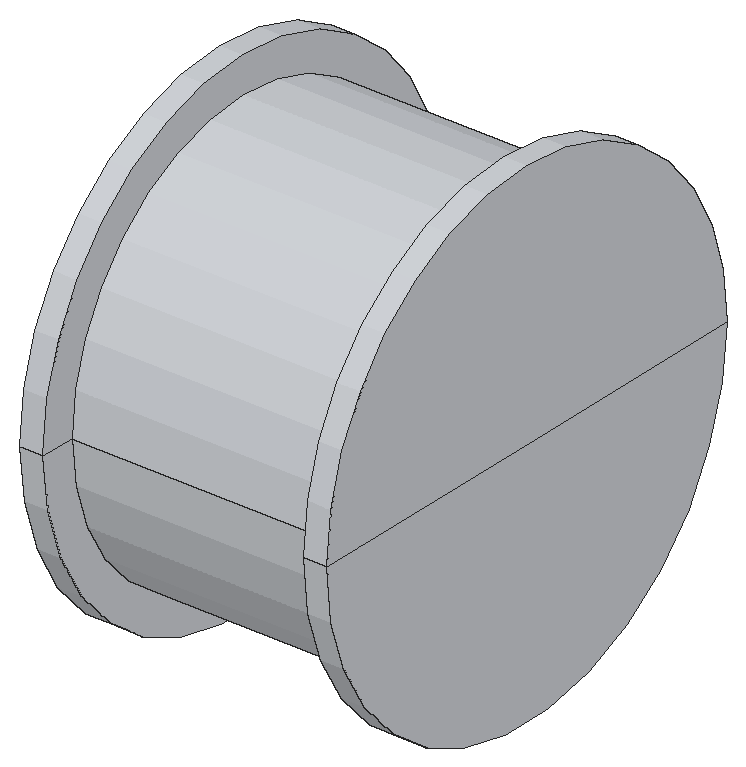
Revit family "f87578821e0f4b2492abf993060846e8", category Pipe Fittings, Revit 2021
Family settings
  Round Connector Dimension = Use Radius
  Part Type = Union
  OmniClass Number = 23.60.30.11.14
  OmniClass Title = Pipework Fittings
  Seek Item ID = Coupling - Generic-0000-USA-ENU
  Work Plane-Based = No
  Always vertical = Yes
  Cut with Voids When Loaded = No
  Shared = No
Parameters (values of type "Standard")
  Tick Size [instance] = Socket Outside Diameter * 0.4  # 13.4000"
  Socket Outside Radius [instance] = Socket Outside Diameter / 2  # 16.7500"
  Socket Outside Diameter [instance] = size_lookup(Lookup Table Name, "SOD", 1.08 * Nominal Diameter + 1.1200", Nominal Diameter)  # 33.5000"
  Nominal Radius [instance] = 15.0000"
  Nominal Diameter [instance] = Nominal Radius * 2  # 30.0000"
  Loss Method = K Coefficient from Table
  Lookup Table Name = "Sleeve Long Solid - MJ - DI - Class 250"
  Length Not Found [instance] = if(Nominal Diameter < 14.0000", 12.0000", if(Nominal Diameter < 30.0000", 15.0000", 24.0000"))  # 24.0000"
  Length [instance] = size_lookup(Lookup Table Name, "Lgt", Length Not Found, Nominal Diameter)  # 24.0000"
  K Coefficient Table = "Reducer/Coupling/Union/Increaser"
  Gland Width [instance] = size_lookup(Lookup Table Name, "GWid", 0.03 * Nominal Diameter + 0.9400", Nominal Diameter)  # 1.8100"
  Gland Outside Radius [instance] = Gland Outside Diameter / 2  # 19.5600"
  Gland Outside Diameter [instance] = size_lookup(Lookup Table Name, "GOD", 1.16 * Nominal Diameter + 4.0300", Nominal Diameter)  # 39.1200"
  Default Elevation = 0.0000"
Reference planes (in)
  plane 1 "Center (Front/Back)": y = 0
  plane 2: z = 0
  plane 3 "Center (Left/Right)": x = 0
  plane 4: x = -12
  plane 5: x = 12
  plane 6: y = 13.4
  plane 7: y = -13.4
  plane 8: y = 16.75
  plane 9: y = 19.56
  plane 10: x = -10.19
  plane 11: x = 10.19
Forms (in)
  Revolve 1, solid, detail levels fine
    sketch origin (0, 0, 0) x (1, 0, 0) y (0, 1, 0)
      loop
        line (-12, 0) -> (12, 0) -> (12, 19.56) -> (10.19, 19.56) -> (10.19, 16.75) -> (-10.19, 16.75) -> (-10.19, 19.56) -> (-12, 19.56) -> (-12, 0)
      axis (-12, 0) -> (12, 0)
    angle from 0 to 360
Lines and regions (in)
  model lines, detail levels coarse+medium
    curve 1: line (-12, 0, 0) -> (12, 0, 0)
    curve 2: line (-12, 13.4, 0) -> (-12, -13.4, 0)
    curve 3: line (12, 13.4, 0) -> (12, -13.4, 0)
Dimensions and locks (in)
  equal spacing: plane 4, plane 3 "Center (Left/Right)", plane 5
  "Length": plane 4 to plane 5
  "Tick Size": plane 6 to plane 1 "Center (Front/Back)"
  "Tick Size": plane 7 to plane 1 "Center (Front/Back)"
  "Socket Outside Radius": plane 8 to plane 1 "Center (Front/Back)"
  "Gland Outside Radius": plane 9 to plane 1 "Center (Front/Back)"
  "Gland Width": plane 4 to plane 10
  "Gland Width": plane 11 to plane 5
  aligned and locked: plane 6 to curve 2
  aligned and locked: plane 7 to curve 2
  aligned and locked: curve 2 to plane 4
  aligned and locked: plane 6 to curve 3
  aligned and locked: plane 7 to curve 3
  aligned and locked: plane 5 to curve 3
  aligned and locked: plane 4 to curve 1
  aligned and locked: plane 5 to curve 1
  aligned and locked: plane 1 "Center (Front/Back)" to curve 1
  aligned and locked: plane 1 "Center (Front/Back)" to Revolve 1 sketch curve
  aligned and locked: plane 5 to Revolve 1 sketch curve
  aligned and locked: plane 11 to Revolve 1 sketch curve
  aligned and locked: Revolve 1 sketch curve to plane 9  (x2)
  aligned and locked: Revolve 1 sketch curve to plane 8
  aligned and locked: Revolve 1 sketch curve to plane 10
  aligned and locked: plane 4 to Revolve 1 sketch curve
  aligned and locked: Revolve 1 sketch curve to Revolve 1 sketch curve
Automatic sketch dimensions
  Revolve 1 sketch curve to plane 4 = 4.7500"
  Revolve 1 sketch curve to Revolve 1 sketch curve = 6.7500"
Connectors (in)
  piping at (-12, 0, 0), diameter 30, driven by "Nominal Radius"
    settings: on Revolve 1, index 1, connector inside diameter 30.0000", connector length 0.0000", flow factor 0, pipe flow 0 GPM, pressure drop 0.00 psi, fitting loss kfactor 0, connector angle 0.00°, fixture units 0, engagement length 0.0000", angle of deflection 0.00°, flow configuration 0, flow direction 0, fitting loss method 0, system type 28, joint type 0, gender type 0, connector reference index 2, connector utility 0, adjustable connector no, is connector primary yes, connector description ""
  piping at (12, 0, 0), diameter 30, driven by "Nominal Radius"
    settings: on Revolve 1, index 2, connector inside diameter 30.0000", connector length 0.0000", flow factor 0, pipe flow 0 GPM, pressure drop 0.00 psi, fitting loss kfactor 0, connector angle 0.00°, fixture units 0, engagement length 0.0000", angle of deflection 0.00°, flow configuration 0, flow direction 0, fitting loss method 0, system type 28, joint type 0, gender type 0, connector reference index 1, connector utility 0, adjustable connector no, is connector primary no, connector description ""
